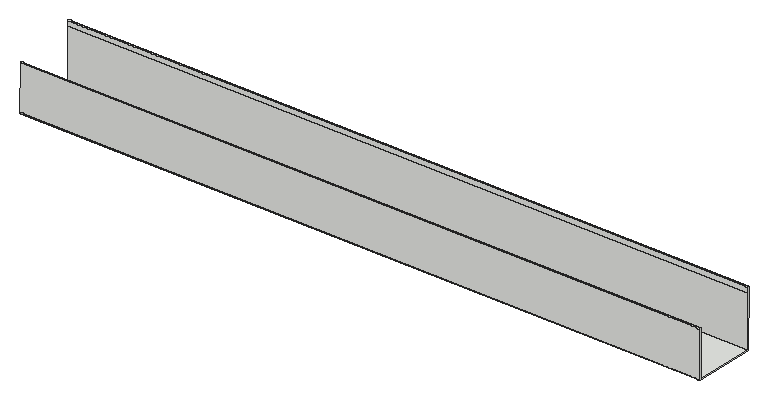
Revit family "PR642", category Mechanical Equipment, Revit 2018
Family settings
  Round Connector Dimension = Use Diameter
  Part Type = Normal
  OmniClass Number = 23.75.00.00
  OmniClass Title = Climate Control (HVAC)
  Work Plane-Based = No
  Always vertical = Yes
  Cut with Voids When Loaded = No
  Shared = No
  Room Calculation Point = No
Parameters (values of type "ISOLAMIN PR642 flashing")
  URL = "http://www.isolamin.se/"
  Thickness = "0.7 mm (Different thicknesses are available on request) \r\n0.7 mm (Different thicknesses are available on request) \r\n0.7 mm (Different thicknesses are available on request)"
  Profile Length = 1180 mm
  Model = "PR642"
  Material = "Galvanized Steel"
  Manufacturer = "ISOLAMIN AB"
  Edition = "1.0 (2018)"
Reference planes
  plane 1 "Center (Front/Back)": y = 0
  plane 2: z = 0
  plane 3 "Center (Left/Right)": x = 0
  plane 4: y = -1284.913
  plane 5: x = 1180
Forms (mm)
  Extrusion 1, solid, material "ISOLAMIN Surface Profile Material"
    sketch origin (0, 0, 0) x (0, 1, 0) y (0, 0, 1)
      loop
        line (-2, 90.7) -> (-1, 90.7) -> (-1, 1) -> (-104, 1) -> (-104, 70.7) -> (-103, 70.7) -> (-103, 79.256)
        arc (-103, 79.256) -> (-104, 80) -> (-105, 79.256) r 1.044
        line (-105, 79.256) -> (-105, 1)
        arc (-105, 1) -> (-104.707, 0.293) -> (-104, 0) r 1
        line (-104, 0) -> (-1, 0)
        arc (-1, 0) -> (-0.293, 0.293) -> (0, 1) r 1
        line (0, 1) -> (0, 99.256)
        arc (0, 99.256) -> (-1, 100) -> (-2, 99.256) r 1.044
        line (-2, 99.256) -> (-2, 90.7)
    from 0 to 1180
Dimensions and locks
  "Profile Length": plane 3 "Center (Left/Right)" to plane 5
  aligned and locked: level to plane 2
  aligned and locked: plane 5 to Extrusion 1
Automatic sketch dimensions
  Extrusion 1 sketch curve to level = 0 mm
  Extrusion 1 sketch curve to plane 1 "Center (Front/Back)" = 0 mm
  Extrusion 1 sketch curve to Extrusion 1 sketch curve = 1 mm  (x5)
  plane 1 "Center (Front/Back)" to Extrusion 1 sketch curve = 1 mm  (x2)
  Extrusion 1 sketch curve to Extrusion 1 sketch curve = 101 mm
  Extrusion 1 sketch curve to Extrusion 1 sketch curve = 0 mm  (x2)
  Extrusion 1 sketch curve to Extrusion 1 sketch curve = 69.7 mm
  Extrusion 1 sketch curve to Extrusion 1 sketch curve = 8.256 mm  (x2)
  Extrusion 1 sketch curve to Extrusion 1 sketch curve = 0.3 mm  (x2)
  Extrusion 1 sketch curve to Extrusion 1 sketch curve = 89.7 mm
